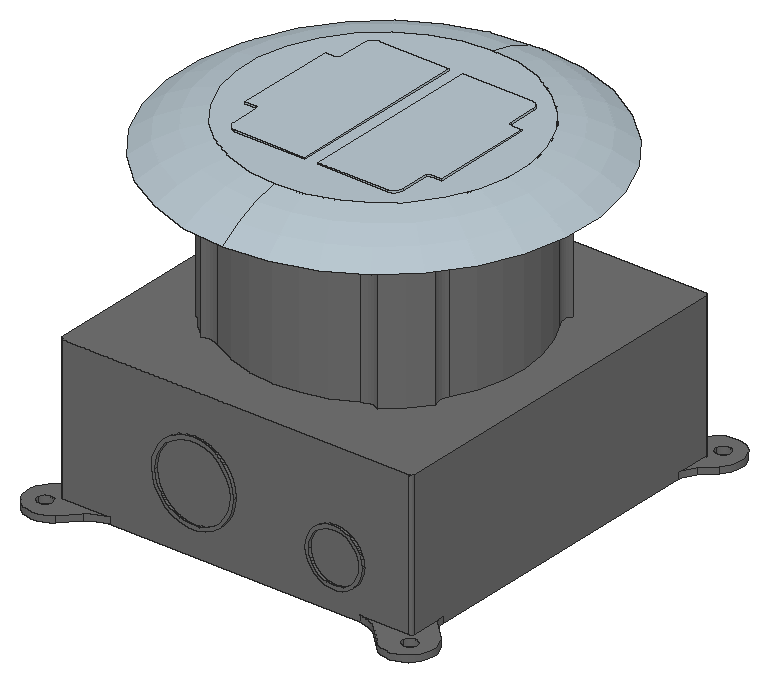
Revit family "Electrical_Equipment-Floor_Box-Hubbell_Wiring-System_One-S1SFB", category Electrical Fixtures, host Face, Revit 2015
Parameters (values of type "Cast Iron")
  Voltage = 120 V
  URL = "http://www.hubbell-wiring.com/"
  Subplate = Subplate : Abandonment Plate
  Product data url = "https://bimobject.com/hubbellwiring/product/systemone-s1sfb"
  Product Page URL = "http://ecatalog.hubbell-wiring.com/ProductInformation/ViewCatalog.aspx?Dest=hubbell-wiring.com/press/catalog/m.pdf"
  Product Documentation Link = "http://ecatalog.hubbell-wiring.com/ProductInformation/ViewCatalog.aspx?Dest=hubbell-wiring.com/press/catalog/m.pdf"
  Power Factor = 1
  Number of Poles = 1
  Model = "S1CFB"
  Manufacturer = "Hubbell-Wiring"  # constant formula
  Load Classification = Power
  Hardware Material = Metal-Hubbell-Cast Iron
  Electrical Connector Description = "Power Connector"
  Description = "System One - 4\" Floor Box"
  Default Elevation = 0' - 0"
  Cover Material = Metal-Hubbell-Aluminum
  Conduit Connector 4 Description = "Data Conduit Connector 2"
  Conduit Connector 3 Description = "Data Conduit Connector 1"
  Conduit Connector 2 Description = "Power Conduit Connector 2"
  Conduit Connector 1 Description = "Power Conduit Connector 1"
  Assembly Code = "D5020115"
  Apparent Load = 4800 VA
Types (3): name | Model | Hardware Material
  Steel | "S1SFB" | Metal-Hubbell-Steel
  Cast Iron | "S1CFB" | Metal-Hubbell-Cast Iron
  Steel AV | "S1SFBAV" | Metal-Hubbell-Steel AV
Reference planes (in)
  plane 1 "Center (Front/Back)": y = 0
  plane 2: z = 0
  plane 3 "Center (Left/Right)": x = 0
Forms (in)
  Extrusion 1, solid, detail levels coarse
    sketch origin (0, 0, 0) x (1, 0, 0) y (0, 1, 0)
      loop
        circle (0, 0) r 4
    from 0.57962 to -5.96
Lines and regions (in)
  symbolic lines
    curve 1: circle (0, 0, 0) r 4 normal (0, 0, 1)
  symbolic lines, detail levels coarse
    curve 2: line (0, 4, 0.57962) -> (0, 4, -5.96)
    curve 3: line (0, 4, 0.57962) -> (0, -4, 0.57962)
    curve 4: line (0, -4, -5.96) -> (0, 4, -5.96)
    curve 5: line (0, -4, 0.57962) -> (0, -4, -5.96)
    curve 6: line (4, 0, 0.57962) -> (-4, 0, 0.57962)
    curve 7: line (4, 0, -5.96) -> (4, 0, 0.57962)
    curve 8: line (-4, 0, -5.96) -> (4, 0, -5.96)
    curve 9: line (-4, 0, 0.57962) -> (-4, 0, -5.96)
Dimensions and locks (in)
  aligned and locked: plane 2 to host face
  aligned and locked: level to host face
  aligned and locked: Extrusion 1 sketch curve to curve 1
  aligned and locked: curve 3 to Extrusion 1
  aligned and locked: Extrusion 1 to curve 4
  aligned and locked: curve 6 to Extrusion 1
  aligned and locked: curve 7 to Extrusion 1
  aligned and locked: curve 8 to Extrusion 1
  aligned and locked: curve 9 to Extrusion 1
  aligned and locked: level to nested 1
  aligned and locked: plane 1 "Center (Front/Back)" to nested 1
  aligned and locked: plane 3 "Center (Left/Right)" to nested 1
  aligned and locked: level to nested 2
  aligned and locked: plane 1 "Center (Front/Back)" to nested 2
  aligned and locked: Extrusion 1 to nested 1
  aligned and locked: plane 3 "Center (Left/Right)" to nested 2
Nested families (in)
  nested 1: "Poke Through Cover" at (0, 0, 0), type "6Cover", detail levels medium+fine
  nested 2: "Floor Box" at (0, 0, -5.96), type "Floor Box", detail levels medium+fine
Connectors (in)
  cabletrayconduit at (-0.8198, -3.71661, -4.62), diameter 1.5, driven by "Conduit Connector 3 Description"
    settings: on nested 2, index 1, connector width 1' - 0", connector height 1' - 0", connector angle 0.00°, system type 32, placement type 0, profile type 0, connector reference index -1, is primary connector yes, connector utility param no, connector description "Data Conduit Connector 1"
  cabletrayconduit at (1.98451, -3.71661, -4.96), diameter 1, driven by "Conduit Connector 1 Description"
    settings: on nested 2, index 2, connector width 1' - 0", connector height 1' - 0", connector angle 0.00°, system type 32, placement type 0, profile type 0, connector reference index -1, is primary connector no, connector utility param no, connector description "Power Conduit Connector 1"
  cabletrayconduit at (1.98451, 3.75154, -4.96), diameter 1, driven by "Conduit Connector 2 Description"
    settings: on nested 2, index 3, connector width 1' - 0", connector height 1' - 0", connector angle 0.00°, system type 32, placement type 0, profile type 0, connector reference index -1, is primary connector no, connector utility param no, connector description "Power Conduit Connector 2"
  cabletrayconduit at (-0.8198, 3.75154, -4.62), diameter 1.5, driven by "Conduit Connector 4 Description"
    settings: on nested 2, index 4, connector width 1' - 0", connector height 1' - 0", connector angle 0.00°, system type 32, placement type 0, profile type 0, connector reference index -1, is primary connector no, connector utility param no, connector description "Data Conduit Connector 2"
  electrical at (0, 0.01747, -5.96), driven by "Load Classification", driven by "Voltage", driven by "Apparent Load", driven by "Power Factor", driven by "Electrical Connector Description"
    settings: on nested 2, index 5, voltage 120 V, apparent load 0 VA, apparent load phase1 4800 VA, apparent load phase2 0 VA, apparent load phase3 0 VA, power factor 1, load classification "Power", number of poles 1, system type 31, power factor state 1, is connector primary yes, connector utility no, sub classification motor no, connector description "Power Connector"
Definition of nested family "Poke Through Cover"
  Parameters
    Cover Material = none
    Assembly Code = ""
  Reference planes (in)
    plane 1 "Center (Front/Back)": y = 0
    plane 2: z = 0
    plane 3 "Center (Left/Right)": x = 0
    plane 4: z = -1.15491
    plane 5: z = 0.55
    plane 6: y = 3.45
  Forms (in)
    Revolve 1, solid, material <- "Cover Material", detail levels medium+fine
      sketch origin (0, 0, 0) x (0, 1, 0) y (0, 0, 1)
        loop
          arc (4, 0) -> (3.39097, 0.35613) -> (2.71262, 0.55) r 2.82079
          line (2.71262, 0.55) -> (2.71262, -0.5) -> (2.83302, -0.5) -> (2.83302, 0) -> (4, 0)
        axis (0, 0.55) -> (0, -0.5)
      angle from 0 to 360
    Extrusion 2, solid, material <- "Cover Material", detail levels medium+fine
      sketch origin (0, 0, 0) x (1, 0, 0) y (0, 1, 0)
        loop
          circle (0, 0) r 2.71262
      from 0 to 0.55
    Extrusion 3, solid, material <- "Cover Material", detail levels medium+fine
      sketch origin (0, 0, 0) x (1, 0, 0) y (0, 1, 0)
        loop
          arc (-1.68265, 1.06374) -> (-1.70167, 1.01867) -> (-1.74674, 0.99993) r 0.06374
          line (-1.74674, 0.99993) -> (-1.953, 0.99993) -> (-1.953, -1) -> (-1.74674, -1)
          arc (-1.74674, -1) -> (-1.70167, -1.01867) -> (-1.683, -1.06374) r 0.06374
          line (-1.683, -1.06374) -> (-1.68265, -1.61444)
          arc (-1.68265, -1.61444) -> (-1.63367, -1.73808) -> (-1.51331, -1.79465) r 0.18056
          line (-1.51331, -1.79465) -> (-0.133, -1.79465) -> (-0.133, 1.795) -> (-1.50209, 1.795)
          arc (-1.50209, 1.795) -> (-1.62977, 1.74211) -> (-1.68265, 1.61444) r 0.18056
          line (-1.68265, 1.61444) -> (-1.68265, 1.06374)
      from 0.55 to 0.57962
    Extrusion 4, solid, material <- "Cover Material", detail levels medium+fine
      sketch origin (0, 0, 0) x (-1, 0, 0) y (0, -1, 0)
        loop
          line (-1.68265, -1.06374) -> (-1.68265, -1.61444)
          arc (-1.68265, -1.61444) -> (-1.62977, -1.74211) -> (-1.50209, -1.795) r 0.18056
          line (-1.50209, -1.795) -> (-0.133, -1.795) -> (-0.133, 1.79465) -> (-1.51331, 1.79465)
          arc (-1.51331, 1.79465) -> (-1.63367, 1.73808) -> (-1.68265, 1.61444) r 0.18056
          line (-1.68265, 1.61444) -> (-1.683, 1.06374)
          arc (-1.683, 1.06374) -> (-1.70167, 1.01867) -> (-1.74674, 1) r 0.06374
          line (-1.74674, 1) -> (-1.953, 1) -> (-1.953, -0.99993) -> (-1.74674, -0.99993)
          arc (-1.74674, -0.99993) -> (-1.70167, -1.01867) -> (-1.68265, -1.06374) r 0.06374
      from 0.55 to 0.57962
  Cuts and joins
    joined: Revolve 1, Extrusion 2
  Lines and regions (in)
    Masking region 1
      outline origin (0, 0, 0) x (1, 0, 0) y (0, 1, 0)
        loop
          circle (0, 0) r 4
    symbolic lines, detail levels medium+fine
      curve 1: circle (0, 0, 0) r 2.71262 normal (0, 0, 1)
    symbolic lines, detail levels fine
      curve 2: line (-1.68265, 1.61444, 0) -> (-1.68265, 1.06374, 0)
      curve 3: arc (-1.683, 1.06374, 0) -> (-1.70167, 1.01867, 0) -> (-1.74674, 1, 0) r 0.06374
      curve 4: line (-1.74674, 0.99993, 0) -> (-1.953, 0.99993, 0)
      curve 5: line (-1.953, 0.99993, 0) -> (-1.953, -1, 0)
      curve 6: line (-1.953, -1, 0) -> (-1.74674, -1, 0)
      curve 7: arc (-1.74674, -1, 0) -> (-1.70167, -1.01867, 0) -> (-1.683, -1.06374, 0) r 0.06374
      curve 8: line (-1.683, -1.06374, 0) -> (-1.683, -1.61444, 0)
      curve 9: arc (-1.68265, -1.61444, 0) -> (-1.63367, -1.73808, 0) -> (-1.51331, -1.79465, 0) r 0.18056
      curve 10: line (-1.51331, -1.79465, 0) -> (-0.133, -1.79465, 0)
      curve 11: line (-0.133, -1.79465, 0) -> (-0.133, 1.795, 0)
      curve 12: line (-0.133, 1.795, 0) -> (-1.50209, 1.795, 0)
      curve 13: arc (-1.50209, 1.795, 0) -> (-1.62977, 1.74211, 0) -> (-1.68265, 1.61444, 0) r 0.18056
      curve 14: line (1.50209, 1.795, 0) -> (0.133, 1.795, 0)
      curve 15: line (0.133, 1.795, 0) -> (0.133, -1.79465, 0)
      curve 16: line (0.133, -1.79465, 0) -> (1.51331, -1.79465, 0)
      curve 17: arc (1.51331, -1.79465, 0) -> (1.63367, -1.73808, 0) -> (1.68265, -1.61444, 0) r 0.18056
      curve 18: line (1.683, -1.61444, 0) -> (1.683, -1.06374, 0)
      curve 19: arc (1.683, -1.06374, 0) -> (1.70167, -1.01867, 0) -> (1.74674, -1, 0) r 0.06374
      curve 20: line (1.74674, -1, 0) -> (1.953, -1, 0)
      curve 21: line (1.953, -1, 0) -> (1.953, 0.99993, 0)
      curve 22: line (1.953, 0.99993, 0) -> (1.74674, 0.99993, 0)
      curve 23: arc (1.74674, 1, 0) -> (1.70167, 1.01867, 0) -> (1.683, 1.06374, 0) r 0.06374
      curve 24: line (1.68265, 1.06374, 0) -> (1.68265, 1.61444, 0)
      curve 25: arc (1.68265, 1.61444, 0) -> (1.62977, 1.74211, 0) -> (1.50209, 1.795, 0) r 0.18056
  Dimensions and locks (in)
    plane 5 to level = 0' - 0.55"
    aligned and locked: plane 2 to level
    aligned and locked: Masking region 1 sketch curve to cut or joined group of Revolve 1, Extrusion 2
Definition of nested family "Floor Box"
  Parameters
    Hardware Material = none
  Reference planes (in)
    plane 1 "Center (Front/Back)": y = 0
    plane 2: z = 0
    plane 3 "Center (Left/Right)": x = 0
    plane 4: z = 1
    plane 5: z = 1.34
  Forms (in)
    Extrusion 1, solid, material <- "Hardware Material", detail levels medium+fine
      sketch origin (0.10489, 0, 0) x (1, 0, 0) y (0, 1, 0)
        loop
          line (3.39425, -3.60914) -> (3.39425, 3.64408)
          arc (3.39425, 3.64408) -> (3.37668, 3.6865) -> (3.33427, 3.70407) r 0.05999
          line (3.33427, 3.70407) -> (-3.54405, 3.70407)
          arc (-3.54405, 3.70407) -> (-3.58647, 3.6865) -> (-3.60404, 3.64408) r 0.05999
          line (-3.60404, 3.64408) -> (-3.60404, -3.60914)
          arc (-3.60404, -3.60914) -> (-3.58647, -3.65156) -> (-3.54405, -3.66913) r 0.05999
          line (-3.54405, -3.66913) -> (3.33427, -3.66913)
          arc (3.33427, -3.66913) -> (3.37668, -3.65156) -> (3.39425, -3.60914) r 0.05999
      from 0 to 2.96
    Extrusion 2, solid, material <- "Hardware Material", detail levels medium+fine
      sketch origin (0.10489, 0, 0) x (1, 0, 0) y (0, 1, 0)
        loop
          line (-3.99724, 3.48412) -> (-3.74721, 3.23409)
          spline (-3.74721, 3.23409) -> (-3.72533, 3.21526) -> (-3.70502, 3.19502) -> (-3.68639, 3.17345) -> (-3.6695, 3.15066) -> (-3.65442, 3.12672) -> (-3.64123, 3.10175) -> (-3.62997, 3.07585) -> (-3.62069, 3.04913) -> (-3.61343, 3.0217) -> (-3.60822, 2.99367) -> (-3.60509, 2.96517) -> (-3.60404, 2.93631)
          line (-3.60404, 2.93631) -> (-3.60404, 3.64408)
          arc (-3.60404, 3.64408) -> (-3.58647, 3.6865) -> (-3.54405, 3.70407) r 0.05999
          line (-3.54405, 3.70407) -> (-2.66741, 3.70407)
          arc (-2.66741, 3.70407) -> (-2.84041, 3.77573) -> (-2.98898, 3.88973) r 0.71734
          line (-2.98898, 3.88973) -> (-3.29031, 4.19106)
          arc (-3.29031, 4.19106) -> (-3.99724, 4.19106) -> (-3.99724, 3.48412) r 0.49988
        loop
          arc (3.33427, 3.70407) -> (3.37668, 3.6865) -> (3.39425, 3.64408) r 0.05999
          line (3.39425, 3.64408) -> (3.39425, 2.93805)
          spline (3.39425, 2.93805) -> (3.39765, 2.96591) -> (3.40269, 2.99347) -> (3.40936, 3.02067) -> (3.41765, 3.04739) -> (3.42751, 3.07356) -> (3.43892, 3.09908) -> (3.45184, 3.12387) -> (3.46623, 3.14785) -> (3.48204, 3.17094) -> (3.49921, 3.19306) -> (3.51769, 3.21413) -> (3.53742, 3.23409)
          line (3.53742, 3.23409) -> (3.78746, 3.48412)
          arc (3.78746, 3.48412) -> (3.78746, 4.19106) -> (3.08052, 4.19106) r 0.49988
          line (3.08052, 4.19106) -> (2.77919, 3.88973)
          arc (2.77919, 3.88973) -> (2.63063, 3.77573) -> (2.45762, 3.70407) r 0.71734
          line (2.45762, 3.70407) -> (3.33427, 3.70407)
        loop
          arc (3.39425, -3.60914) -> (3.37668, -3.65156) -> (3.33427, -3.66913) r 0.05999
          line (3.33427, -3.66913) -> (2.36219, -3.66913)
          arc (2.36219, -3.66913) -> (2.5879, -3.72332) -> (2.77919, -3.85479) r 0.63687
          line (2.77919, -3.85479) -> (3.08052, -4.15612)
          arc (3.08052, -4.15612) -> (3.78746, -4.15612) -> (3.78746, -3.44919) r 0.49988
          line (3.78746, -3.44919) -> (3.53742, -3.19915)
          spline (3.53742, -3.19915) -> (3.51664, -3.17995) -> (3.49725, -3.15943) -> (3.47932, -3.13767) -> (3.46294, -3.11477) -> (3.44816, -3.09083) -> (3.43506, -3.06594) -> (3.4237, -3.04022) -> (3.41411, -3.01376) -> (3.40634, -2.9867) -> (3.40043, -2.95913) -> (3.39639, -2.93119) -> (3.39425, -2.90298)
          line (3.39425, -2.90298) -> (3.39425, -3.60914)
        loop
          line (-3.29031, -4.15612) -> (-2.99398, -3.85979)
          arc (-2.99398, -3.85979) -> (-2.81448, -3.73175) -> (-2.60307, -3.66913) r 0.66795
          line (-2.60307, -3.66913) -> (-3.54405, -3.66913)
          arc (-3.54405, -3.66913) -> (-3.58647, -3.65156) -> (-3.60404, -3.60914) r 0.05999
          line (-3.60404, -3.60914) -> (-3.60404, -2.92328)
          spline (-3.60404, -2.92328) -> (-3.60573, -2.95039) -> (-3.60939, -2.97708) -> (-3.615, -3.00325) -> (-3.62255, -3.0288) -> (-3.63199, -3.05362) -> (-3.64329, -3.07761) -> (-3.65641, -3.10068) -> (-3.6713, -3.12274) -> (-3.68789, -3.14369) -> (-3.70612, -3.16347) -> (-3.72592, -3.18198) -> (-3.74721, -3.19915)
          line (-3.74721, -3.19915) -> (-3.99724, -3.44919)
          arc (-3.99724, -3.44919) -> (-3.99724, -4.15612) -> (-3.29031, -4.15612) r 0.49988
        loop
          circle (-3.73401, 3.91152) r 0.14746
        loop
          circle (3.52422, -3.87658) r 0.14746
        loop
          circle (-3.73401, -3.87658) r 0.14746
        loop
          circle (3.52422, 3.91152) r 0.14746
      from 0 to 0.125
    Extrusion 3, solid, material <- "Hardware Material", detail levels medium+fine
      sketch origin (0.10489, 0, 2.96) x (1, 0, 0) y (0, 1, 0)
        loop
          arc (1.34136, 2.34323) -> (-0.10489, 2.75623) -> (-1.55114, 2.34323) r 2.73876
          arc (-1.55114, 2.34323) -> (-1.73246, 2.28004) -> (-1.92338, 2.30048) r 0.438
          arc (-1.92338, 2.30048) -> (-2.16829, 2.08086) -> (-2.3879, 1.83595) r 3.02406
          arc (-2.3879, 1.83595) -> (-2.36746, 1.64503) -> (-2.43065, 1.46372) r 0.438
          arc (-2.43065, 1.46372) -> (-2.84365, 0.01747) -> (-2.43065, -1.42878) r 2.73876
          arc (-2.43065, -1.42878) -> (-2.36746, -1.61009) -> (-2.3879, -1.80101) r 0.438
          arc (-2.3879, -1.80101) -> (-2.16829, -2.04593) -> (-1.92338, -2.26554) r 3.02406
          arc (-1.92338, -2.26554) -> (-1.73246, -2.2451) -> (-1.55114, -2.30829) r 0.438
          arc (-1.55114, -2.30829) -> (-0.12932, -2.72118) -> (1.29965, -2.33371) r 2.73876
          arc (1.29965, -2.33371) -> (1.46591, -2.2842) -> (1.63395, -2.32733) r 0.32476
          arc (1.63395, -2.32733) -> (1.97611, -2.02817) -> (2.26958, -1.6811) r 3.02406
          arc (2.26958, -1.6811) -> (2.22504, -1.51421) -> (2.26958, -1.34733) r 0.33489
          arc (2.26958, -1.34733) -> (2.63271, 0.09692) -> (2.18643, 1.51768) r 2.73876
          arc (2.18643, 1.51768) -> (2.13457, 1.67557) -> (2.17811, 1.83595) r 0.2894
          arc (2.17811, 1.83595) -> (1.9585, 2.08086) -> (1.71359, 2.30048) r 3.02406
          arc (1.71359, 2.30048) -> (1.52267, 2.28004) -> (1.34136, 2.34323) r 0.438
        loop
          line (-1.64974, 1.91578) -> (-1.49193, 1.75797)
          spline (-1.49193, 1.75797) -> (-1.4867, 1.75211) -> (-1.48229, 1.74561) -> (-1.47879, 1.7386) -> (-1.47624, 1.73118) -> (-1.47471, 1.7235) -> (-1.4742, 1.71567) -> (-1.47474, 1.70785) -> (-1.4763, 1.70016) -> (-1.47888, 1.69273) -> (-1.48241, 1.6857) -> (-1.48684, 1.67919) -> (-1.49209, 1.6733)
          line (-1.49209, 1.6733) -> (-1.76442, 1.40098)
          arc (-1.76442, 1.40098) -> (-1.80314, 1.38494) -> (-1.84187, 1.40098) r 0.05477
          line (-1.84187, 1.40098) -> (-2.00041, 1.55952)
          arc (-2.00041, 1.55952) -> (-2.54843, 0.01747) -> (-2.00041, -1.52458) r 2.44354
          line (-2.00041, -1.52458) -> (-1.86657, -1.39074)
          arc (-1.86657, -1.39074) -> (-1.82416, -1.37317) -> (-1.78174, -1.39074) r 0.05999
          line (-1.78174, -1.39074) -> (-1.51311, -1.65938)
          arc (-1.51311, -1.65938) -> (-1.49554, -1.70179) -> (-1.51311, -1.74421) r 0.05999
          line (-1.51311, -1.74421) -> (-1.64694, -1.87804)
          arc (-1.64694, -1.87804) -> (-0.87341, -2.30207) -> (0.00027, -2.4238) r 2.44354
          line (0.00027, -2.4238) -> (0.00971, 2.46226)
          arc (0.00971, 2.46226) -> (-0.87044, 2.34213) -> (-1.64974, 1.91578) r 2.44747
        loop
          line (0.07998, 2.45795) -> (0.07998, -2.42301)
          arc (0.07998, -2.42301) -> (0.81311, -2.25132) -> (1.45935, -1.86489) r 2.44747
          line (1.45935, -1.86489) -> (1.31753, -1.72308) -> (1.72402, -1.31659) -> (1.85541, -1.44791)
          arc (1.85541, -1.44791) -> (2.34206, 0.06786) -> (1.79342, 1.56231) r 2.44747
          line (1.79342, 1.56231) -> (1.63561, 1.40451)
          spline (1.63561, 1.40451) -> (1.62973, 1.39939) -> (1.62322, 1.39508) -> (1.6162, 1.39165) -> (1.60879, 1.38916) -> (1.60112, 1.38766) -> (1.59331, 1.38717) -> (1.5855, 1.38769) -> (1.57782, 1.38922) -> (1.5704, 1.39174) -> (1.56337, 1.39519) -> (1.55684, 1.39953) -> (1.55094, 1.40467)
          line (1.55094, 1.40467) -> (1.28231, 1.6733)
          spline (1.28231, 1.6733) -> (1.27704, 1.6792) -> (1.2726, 1.68573) -> (1.26907, 1.69278) -> (1.2665, 1.70023) -> (1.26494, 1.70794) -> (1.26441, 1.71579) -> (1.26494, 1.72363) -> (1.2665, 1.73133) -> (1.26907, 1.73876) -> (1.2726, 1.74578) -> (1.27704, 1.75228) -> (1.28231, 1.75814)
          line (1.28231, 1.75814) -> (1.43991, 1.91581)
          arc (1.43991, 1.91581) -> (0.80143, 2.29095) -> (0.07998, 2.45795) r 2.44747
      from 0 to 3
    Extrusion 4, solid, material <- "Hardware Material", detail levels medium+fine
      sketch origin (0.10489, 0, 0) x (1, 0, 0) y (0, 0, 1)
        loop
          circle (1.87962, 1) r 0.5
        loop
          circle (-0.92469, 1.34) r 0.75
        loop
          circle (-0.92469, 1.34) r 0.82105
        loop
          circle (1.87962, 1) r 0.56929
      from 3.66913 to 3.71661
    Extrusion 5, solid, material <- "Hardware Material", detail levels medium+fine
      sketch origin (0.10489, 0.03494, 0) x (1, 0, 0) y (0, 0, -1)
        loop
          circle (1.87962, -1) r 0.5
        loop
          circle (-0.92469, -1.34) r 0.75
        loop
          circle (-0.92469, -1.34) r 0.82105
        loop
          circle (1.87962, -1) r 0.56929
      from 3.66913 to 3.71661
  Dimensions and locks (in)
    plane 4 to plane 2 = 0' - 1"
    plane 5 to plane 2 = 0' - 1.34"
    aligned and locked: plane 2 to level
